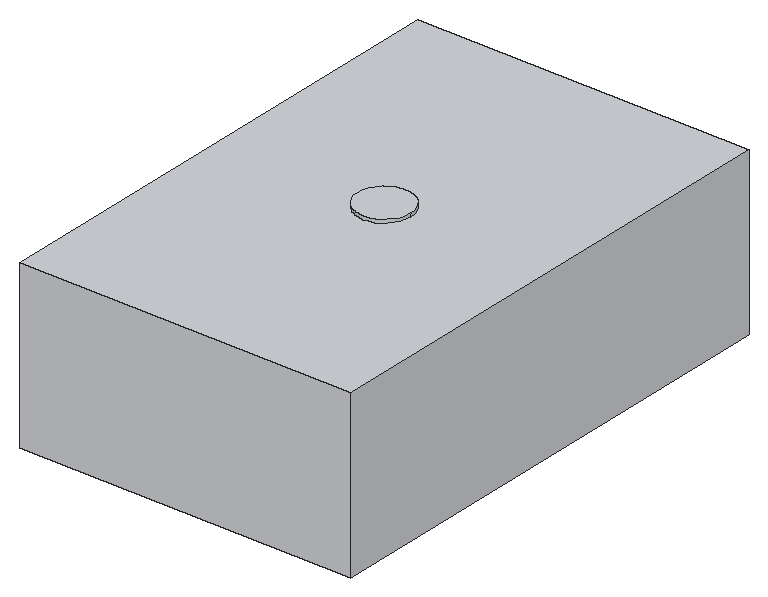
Revit family "電線管用ファミリ", category Electrical Fixtures, Revit 2020
Family settings
  Maintain Annotation Orientation = No
  Round Connector Dimension = Use Diameter
  Part Type = Normal
  OmniClass Number = 23.80.00.00
  OmniClass Title = Electric Power and Lighting
  Work Plane-Based = No
  Always vertical = Yes
  Cut with Voids When Loaded = No
  Shared = No
  Room Calculation Point = No
Parameters
  コネクタ直径 [instance] = 16 mm
  W [instance] = 100 mm
  Default Elevation = 0 mm
  D [instance] = 150 mm
Reference planes
  plane 1 "中心(正面/背面)": y = 0
  plane 2: z = 0
  plane 3 "中心(左/右)": x = 0
  plane 4 "左": x = -50
  plane 5 "右": x = 50
  plane 6 "上": y = 75
  plane 7 "下": y = -75
  plane 8 "高さ": z = 50
Forms (mm)
  Extrusion 1, solid
    sketch origin (0, 0, 0) x (1, 0, 0) y (0, 1, 0)
      loop
        line (-50, 75) -> (-50, -75) -> (50, -75) -> (50, 75) -> (-50, 75)
    from 0 to 50
  Extrusion 2, solid
    sketch origin (0, 0, 50) x (-1, 0, 0) y (0, -1, 0)
      loop
        circle (0, 0) r 8
    from 0 to 1
  Extrusion 3, solid
    sketch origin (0, 0, 0) x (1, 0, 0) y (0, 1, 0)
      loop
        circle (0, 0) r 8
    from -1.215 to 0
Dimensions and locks
  equal spacing: plane 4 "左", plane 3 "中心(左/右)", plane 5 "右"
  "W": plane 4 "左" to plane 5 "右"
  equal spacing: plane 6 "上", plane 1 "中心(正面/背面)", plane 7 "下"
  "D": plane 6 "上" to plane 7 "下"
  "コネクタ直径": diameter of Extrusion 2 sketch curve
  "コネクタ直径": diameter of Extrusion 3 sketch curve
  aligned and locked: level to plane 2
  aligned and locked: Extrusion 1 sketch curve to plane 6 "上"
  aligned and locked: plane 4 "左" to Extrusion 1 sketch curve
  aligned and locked: plane 7 "下" to Extrusion 1 sketch curve
  aligned and locked: Extrusion 1 sketch curve to plane 5 "右"
  aligned and locked: level to Extrusion 3
Automatic sketch dimensions
  plane 1 "中心(正面/背面)" to Extrusion 2 sketch curve = 0 mm
  Extrusion 2 sketch curve to plane 3 "中心(左/右)" = 0 mm
  plane 1 "中心(正面/背面)" to Extrusion 3 sketch curve = 0 mm
  Extrusion 3 sketch curve to plane 3 "中心(左/右)" = 0 mm
Connectors
  cabletrayconduit at (0, 0, 51), diameter 16, driven by "コネクタ直径"
    settings: on Extrusion 2, index 3, connector width 300 mm, connector height 300 mm, connector angle 0.00°, system type 32, placement type 0, profile type 0, connector reference index -1, is primary connector yes, connector utility param no, connector description ""
  cabletrayconduit at (0, 0, -1.215), diameter 16, driven by "コネクタ直径"
    settings: on Extrusion 3, index 4, connector width 300 mm, connector height 300 mm, connector angle 0.00°, system type 32, placement type 0, profile type 0, connector reference index -1, is primary connector no, connector utility param no, connector description ""
